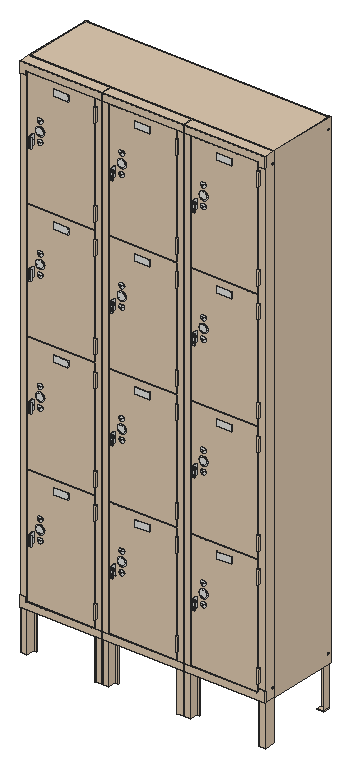
Revit family "Metal_Vented_Lockers-Salsbury_Industries-74000_Series-3_Wide_Units", category Specialty Equipment, Revit 2016 (continued)
Definition of nested family "Metal Locker Legs - 3 Wide"
  Reference planes (in)
    plane 16: y = -7.82
    plane 17 "Back Edge of Rear Legs": y = 8.895
    plane 18 "Right Edge of Rear Right Leg": x = 22.4
    plane 19 "Left Edge or Rear Left Leg": x = -22.4
    plane 20: y = 7.895
    plane 21 "Inside Edge or Rear Right Leg": x = 21.4
    plane 22 "Inside Edge or Left Rear Leg": x = -21.4
    plane 23: x = 7.50667
    plane 24: x = -7.50667
  Forms (in)
    Extrusion 1, solid, material <- "Primary Structure Material", visible <- "Visible"
      sketch origin (0, 0, 0) x (0, -1, 0) y (1, 0, 0)
        loop
          line (7.417, 22.52) -> (7.417, 22.46) -> (8.945, 22.46) -> (8.945, 21.58) -> (7.76, 21.58) -> (7.76, 21.08) -> (7.82, 21.08) -> (7.82, 21.52) -> (9.005, 21.52) -> (9.005, 22.52) -> (7.417, 22.52)
      from 0 to 6
    Extrusion 2, solid, material <- "Primary Structure Material", visible <- "Visible"
      sketch origin (0, 0, 0) x (0, -1, 0) y (1, 0, 0)
        loop
          line (7.417, -22.52) -> (9.005, -22.52) -> (9.005, -21.52) -> (7.82, -21.52) -> (7.82, -21.08) -> (7.76, -21.08) -> (7.76, -21.58) -> (8.945, -21.58) -> (8.945, -22.46) -> (7.417, -22.46) -> (7.417, -22.52)
      from 0 to 6
    Extrusion 3, solid, material <- "Primary Structure Material", visible <- "Visible"
      sketch origin (0, 0, 0) x (0, -1, 0) y (1, 0, 0)
        loop
          line (-8.895, 22.4) -> (-8.895, 21.4) -> (-8.835, 21.4) -> (-8.835, 22.34) -> (-7.895, 22.34) -> (-7.895, 22.4) -> (-8.895, 22.4)
      from 0.06 to 6.185
    Extrusion 4, solid, material <- "Primary Structure Material", visible <- "Visible"
      sketch origin (0, 0, 0) x (0, -1, 0) y (1, 0, 0)
        loop
          line (-8.895, 22.4) -> (-8.895, 21.4) -> (-7.895, 21.4) -> (-7.895, 22.4) -> (-8.895, 22.4)
      from 0 to 0.06
    Extrusion 5, solid, material <- "Primary Structure Material", visible <- "Visible"
      sketch origin (0, 0, 0) x (0, -1, 0) y (1, 0, 0)
        loop
          line (-8.895, -22.4) -> (-7.895, -22.4) -> (-7.895, -22.34) -> (-8.835, -22.34) -> (-8.835, -21.4) -> (-8.895, -21.4) -> (-8.895, -22.4)
      from 0.06 to 6.185
    Extrusion 6, solid, material <- "Primary Structure Material", visible <- "Visible"
      sketch origin (0, 0, 0) x (0, -1, 0) y (1, 0, 0)
        loop
          line (-8.895, -22.4) -> (-7.895, -22.4) -> (-7.895, -21.4) -> (-8.895, -21.4) -> (-8.895, -22.4)
      from 0 to 0.06
    Extrusion 7, solid, material <- "Primary Structure Material", visible <- "Visible"
      sketch origin (12, 0, 0) x (0, -1, 0) y (1, 0, 0)
        loop
          line (7.417, -19.50667) -> (9.005, -19.50667) -> (9.005, -18.50667) -> (7.82, -18.50667) -> (7.82, -18.06667) -> (7.76, -18.06667) -> (7.76, -18.56667) -> (8.945, -18.56667) -> (8.945, -19.44667) -> (7.417, -19.44667) -> (7.417, -19.50667)
      from 0 to 6
    Extrusion 8, solid, material <- "Primary Structure Material", visible <- "Visible"
      sketch origin (24.04, 0, 0) x (0, -1, 0) y (1, 0, 0)
        loop
          line (7.417, -16.53333) -> (9.005, -16.53333) -> (9.005, -15.53333) -> (7.82, -15.53333) -> (7.82, -15.09333) -> (7.76, -15.09333) -> (7.76, -15.59333) -> (8.945, -15.59333) -> (8.945, -16.47333) -> (7.417, -16.47333) -> (7.417, -16.53333)
      from 0 to 6
    Extrusion 9, solid, material <- "Primary Structure Material", visible <- "Visible"
      sketch origin (-12, 0, 0) x (0, -1, 0) y (1, 0, 0)
        loop
          line (7.417, 19.50667) -> (7.417, 19.44667) -> (8.945, 19.44667) -> (8.945, 18.56667) -> (7.76, 18.56667) -> (7.76, 18.06667) -> (7.82, 18.06667) -> (7.82, 18.50667) -> (9.005, 18.50667) -> (9.005, 19.50667) -> (7.417, 19.50667)
      from 0 to 6
    Extrusion 10, solid, material <- "Primary Structure Material", visible <- "Visible"
      sketch origin (-24.04, 0, 0) x (0, -1, 0) y (1, 0, 0)
        loop
          line (7.417, 16.53333) -> (7.417, 16.47333) -> (8.945, 16.47333) -> (8.945, 15.59333) -> (7.76, 15.59333) -> (7.76, 15.09333) -> (7.82, 15.09333) -> (7.82, 15.53333) -> (9.005, 15.53333) -> (9.005, 16.53333) -> (7.417, 16.53333)
      from 0 to 6
  Dimensions and locks (in)
    equal spacing: plane 6 "Left Side of Unit", plane 3 "Center (Left/Right)", plane 7 "Right Side of Unit"
    "Width": plane 6 "Left Side of Unit" to plane 7 "Right Side of Unit"
    "Height": plane 5 "Bottom of Unit" to plane 4 "Floor"
    equal spacing: plane 9 "Front of Unit", plane 1 "Center (Front/Back)", plane 8 "Back of Unit"
    "Depth": plane 9 "Front of Unit" to plane 8 "Back of Unit"
    plane 12 "Top of back legs" to plane 5 "Bottom of Unit" = 0.185"
    plane 6 "Left Side of Unit" to plane 11 "Left Side of Door Opening" = 1.000"
    plane 10 "Right Side of Door Opening" to plane 7 "Right Side of Unit" = 1.000"
    locked: plane 9 "Front of Unit" to plane 13 "Back Edge of Front Facing" at 1.588
    plane 11 "Left Side of Door Opening" to plane 14 "Inside Edge of Front Leg" = 0.440"
    plane 15 "Inside Edge of Right Leg" to plane 10 "Right Side of Door Opening" = 0.440"
    plane 9 "Front of Unit" to plane 16 = 1.185"
    plane 15 "Inside Edge of Right Leg" to plane 21 "Inside Edge or Rear Right Leg" to plane 10 "Right Side of Door Opening" to plane 18 "Right Edge of Rear Right Leg" to plane 7 "Right Side of Unit" = 0.320", 0.120", 0.880", 0.120"
    plane 6 "Left Side of Unit" to plane 19 "Left Edge or Rear Left Leg" to plane 11 "Left Side of Door Opening" to plane 22 "Inside Edge or Left Rear Leg" to plane 14 "Inside Edge of Front Leg" = 0.120", 0.880", 0.120", 0.320"
    plane 20 to plane 17 "Back Edge of Rear Legs" to plane 8 "Back of Unit" = 1.000", 0.110"
    equal spacing: plane 6 "Left Side of Unit", plane 24, plane 23, plane 7 "Right Side of Unit"
    aligned and locked: level to plane 2
    aligned and locked: Extrusion 3 to Extrusion 4
    aligned and locked: Extrusion 6 to Extrusion 5
    aligned and locked: Extrusion 3 to plane 18 "Right Edge of Rear Right Leg"
    aligned and locked: Extrusion 3 to plane 17 "Back Edge of Rear Legs"
    aligned and locked: Extrusion 5 to plane 19 "Left Edge or Rear Left Leg"
    aligned and locked: plane 17 "Back Edge of Rear Legs" to Extrusion 5
    aligned and locked: plane 5 "Bottom of Unit" to Extrusion 2
    aligned and locked: Extrusion 1 to plane 5 "Bottom of Unit"
    aligned and locked: Extrusion 3 to plane 12 "Top of back legs"
    aligned and locked: plane 12 "Top of back legs" to Extrusion 5
  Automatic sketch dimensions
    plane 13 "Back Edge of Front Facing" to Extrusion 1 sketch curve = 0.000"
    Extrusion 1 sketch curve to plane 15 "Inside Edge of Right Leg" = 0.000"
    plane 16 to Extrusion 1 sketch curve = 0.000"
    Extrusion 1 sketch curve to plane 7 "Right Side of Unit" = 0.000"
    plane 9 "Front of Unit" to Extrusion 1 sketch curve = 0.000"
    Extrusion 1 sketch curve to plane 10 "Right Side of Door Opening" = 0.000"
    Extrusion 1 sketch curve to plane 16 = 0.060"
    Extrusion 1 sketch curve to plane 9 "Front of Unit" = 0.060"
    Extrusion 1 sketch curve to plane 10 "Right Side of Door Opening" = 0.060"
    plane 7 "Right Side of Unit" to Extrusion 1 sketch curve = 0.060"
    Extrusion 2 sketch curve to plane 13 "Back Edge of Front Facing" = 0.000"
    Extrusion 2 sketch curve to plane 14 "Inside Edge of Front Leg" = 0.000"
    Extrusion 2 sketch curve to plane 16 = 0.000"
    Extrusion 2 sketch curve to plane 6 "Left Side of Unit" = 0.000"
    Extrusion 2 sketch curve to plane 9 "Front of Unit" = 0.000"
    Extrusion 2 sketch curve to plane 11 "Left Side of Door Opening" = 0.000"
    plane 16 to Extrusion 2 sketch curve = 0.060"
    plane 9 "Front of Unit" to Extrusion 2 sketch curve = 0.060"
    Extrusion 2 sketch curve to plane 11 "Left Side of Door Opening" = 0.060"
    plane 6 "Left Side of Unit" to Extrusion 2 sketch curve = 0.060"
    plane 17 "Back Edge of Rear Legs" to Extrusion 3 sketch curve = 0.000"
    Extrusion 3 sketch curve to plane 21 "Inside Edge or Rear Right Leg" = 0.000"
    Extrusion 3 sketch curve to plane 18 "Right Edge of Rear Right Leg" = 0.000"
    plane 20 to Extrusion 3 sketch curve = 0.000"
    plane 17 "Back Edge of Rear Legs" to Extrusion 3 sketch curve = 0.060"
    plane 18 "Right Edge of Rear Right Leg" to Extrusion 3 sketch curve = 0.060"
    plane 17 "Back Edge of Rear Legs" to Extrusion 4 sketch curve = 0.000"
    Extrusion 4 sketch curve to plane 18 "Right Edge of Rear Right Leg" = 0.000"
    plane 20 to Extrusion 4 sketch curve = 0.000"
    Extrusion 4 sketch curve to plane 21 "Inside Edge or Rear Right Leg" = 0.000"
    Extrusion 5 sketch curve to plane 17 "Back Edge of Rear Legs" = 0.000"
    Extrusion 5 sketch curve to plane 22 "Inside Edge or Left Rear Leg" = 0.000"
    Extrusion 5 sketch curve to plane 19 "Left Edge or Rear Left Leg" = 0.000"
    Extrusion 5 sketch curve to plane 20 = 0.000"
    Extrusion 5 sketch curve to plane 17 "Back Edge of Rear Legs" = 0.060"
    Extrusion 5 sketch curve to plane 19 "Left Edge or Rear Left Leg" = 0.060"
    Extrusion 6 sketch curve to plane 17 "Back Edge of Rear Legs" = 0.000"
    Extrusion 6 sketch curve to plane 19 "Left Edge or Rear Left Leg" = 0.000"
    Extrusion 6 sketch curve to plane 20 = 0.000"
    Extrusion 6 sketch curve to plane 22 "Inside Edge or Left Rear Leg" = 0.000"
    plane 13 "Back Edge of Front Facing" to Extrusion 7 sketch curve = 0.000"
    plane 16 to Extrusion 7 sketch curve = 0.000"
    plane 9 "Front of Unit" to Extrusion 7 sketch curve = 0.000"
    Extrusion 7 sketch curve to plane 24 = 0.000"
    plane 16 to Extrusion 7 sketch curve = 0.060"
    plane 9 "Front of Unit" to Extrusion 7 sketch curve = 0.060"
    plane 24 to Extrusion 7 sketch curve = 0.060"
    plane 24 to Extrusion 7 sketch curve = 0.940"
    Extrusion 7 sketch curve to Extrusion 7 sketch curve = 0.060"
    Extrusion 7 sketch curve to Extrusion 7 sketch curve = 0.440"
    plane 13 "Back Edge of Front Facing" to Extrusion 8 sketch curve = 0.000"
    plane 16 to Extrusion 8 sketch curve = 0.000"
    plane 9 "Front of Unit" to Extrusion 8 sketch curve = 0.000"
    Extrusion 8 sketch curve to plane 23 = 0.000"
    plane 16 to Extrusion 8 sketch curve = 0.060"
    plane 9 "Front of Unit" to Extrusion 8 sketch curve = 0.060"
    plane 23 to Extrusion 8 sketch curve = 0.060"
    plane 23 to Extrusion 8 sketch curve = 0.940"
    Extrusion 8 sketch curve to Extrusion 8 sketch curve = 0.060"
    Extrusion 8 sketch curve to Extrusion 8 sketch curve = 0.440"
    plane 13 "Back Edge of Front Facing" to Extrusion 9 sketch curve = 0.000"
    plane 16 to Extrusion 9 sketch curve = 0.000"
    plane 9 "Front of Unit" to Extrusion 9 sketch curve = 0.000"
    Extrusion 9 sketch curve to plane 23 = 0.000"
    Extrusion 9 sketch curve to plane 16 = 0.060"
    Extrusion 9 sketch curve to plane 9 "Front of Unit" = 0.060"
    plane 23 to Extrusion 9 sketch curve = 0.060"
    plane 23 to Extrusion 9 sketch curve = 0.940"
    Extrusion 9 sketch curve to Extrusion 9 sketch curve = 0.060"
    Extrusion 9 sketch curve to Extrusion 9 sketch curve = 0.440"
    plane 13 "Back Edge of Front Facing" to Extrusion 10 sketch curve = 0.000"
    plane 16 to Extrusion 10 sketch curve = 0.000"
    plane 9 "Front of Unit" to Extrusion 10 sketch curve = 0.000"
    Extrusion 10 sketch curve to plane 24 = 0.000"
    Extrusion 10 sketch curve to plane 16 = 0.060"
    Extrusion 10 sketch curve to plane 9 "Front of Unit" = 0.060"
    plane 24 to Extrusion 10 sketch curve = 0.060"
    plane 24 to Extrusion 10 sketch curve = 0.940"
    Extrusion 10 sketch curve to Extrusion 10 sketch curve = 0.060"
    Extrusion 10 sketch curve to Extrusion 10 sketch curve = 0.440"
Definition of nested family "Vented Metal Locker Doors-12 inch with Latch Hasps"
  Parameters (values of type "Four Tier Door - 6 foot")
    Width = 9.901"
    Visible = yes
    Vent Array Spacing = 1.187"
    Vent Array 2 = if(Height = 17.360", 10, if(Height = 14.360", 8, if(Height = 11.532", 6, if(Height = 11.463", 6, 0))))  # 10
    Vent Array 1 = Vent Array 2  # 10
    Primary Structure Material = none
    Louver Set Vertical Alignment = 5.710"
    Number Plate Alignment = 0.9375"
    Louver Width = 4.000"
    Hinge 2 Placement = 14.142"
    Hinge 1 Placement = 1.125"
    Height = 17.360"
    Hasp Plate Rivet Material = none
    Hasp Height = 1.438"
    First Vent Placement = 2.875"
    Depth = 0.900"
  Types (4): name | Vent Array 2 | Vent Array 1 | Louver Set Vertical Alignment | Hinge 2 Placement | Height | First Vent Placement
    Six Tier Door - 6 foot | 6 | 6 | 2.731" | 8.449" | 11.532" | 2.3925"
    Five Tier Door - 5 foot | 6 | 6 | 2.826" | 8.188" | 11.463" | 2.3925"
    Four Tier Door - 6 foot | 10 | 10 | 5.710" | 14.142" | 17.360" | 2.875"
    Four Tier Door - 5 foot | 8 | 8 | 4.240" | 11.142" | 14.360" | 2.625"
  Reference planes (in)
    plane 1 "Center (Front/Back)": y = 0
    plane 2 "Bottom of Door": z = 0
    plane 3 "Center (Left/Right)": x = 0
    plane 4 "Center (Top/Bottom)": z = 8.68
    plane 5 "Top of Door": z = 17.36
    plane 6 "Right Side of Door": x = 4.9505
    plane 7 "Left Side of Door": x = -4.9505
    plane 8 "Front of Door": y = -0.45
    plane 9 "Back of Door": y = 0.45
    plane 10 "Top of Number Plate": z = 16.4225
    plane 11 "Top of Hasp Alignment": z = 9.399
    plane 12 "Bottom of Hasp Alignment": z = 7.961
    plane 13 "Left Side of Louvers": x = -2
    plane 14 "Right Side of Louvers": x = 2
    plane 15 "Front of Louvers": y = -0.6375
    plane 16: x = -1.094
    plane 17: x = 1.094
    plane 18: z = 15.4225
    plane 19 "Center Hasp": x = -1.7755
    plane 20 "Top of Hinge 2": z = 3.218
    plane 21 "Top of Hinge 1": z = 16.235
    plane 22 "Left Hasp Hole Align": x = -4.263
    plane 23 "Right Hasp Hole Align": x = -4.013
    plane 24 "Center Hasp Stud Align": z = 10.09841
    plane 25 "Top Hasp Stud Align": z = 11.51682
    plane 26 "Vertical Hasp Stud Align": x = -3.076
    plane 27 "Vertical Center Hasp Align": x = -4.13777
    plane 28: z = 2.875
    plane 29: z = 3.46558
    plane 30: z = 4.062
    plane 31: z = 4.65258
  Forms (in)
    Extrusion 1, solid, material <- "Primary Structure Material", visible <- "Visible"
      sketch origin (0, 0, 0) x (1, 0, 0) y (0, 0, 1)
        loop
          line (-4.9505, 17.36) -> (-4.9505, 0) -> (4.9505, 0) -> (4.9505, 17.36) -> (-4.9505, 17.36)
      from -0.45 to 0.45
    Extrusion 2, solid, material <- "Hasp Plate Rivet Material", visible <- "Visible", detail levels medium+fine
      sketch origin (0, -0.45, 0) x (1, 0, 0) y (0, 0, 1)
        loop
          arc (-1.06847, 16.38695) -> (-1.10166, 15.92421) -> (-1.06847, 15.46147) r 3.2426
          arc (-1.06847, 15.46147) -> (0, 15.42272) -> (1.06847, 15.46147) r 14.75
          arc (1.06847, 15.46147) -> (1.10166, 15.92421) -> (1.06847, 16.38695) r 3.2426
          arc (1.06847, 16.38695) -> (0, 16.41487) -> (-1.06847, 16.38695) r 20.45441
      from 0 to 0.03497
    Extrusion 3, void
      sketch origin (-1.7755, -0.13281, 0.04687) x (0, 0, -1) y (0, -1, 0)
        loop
          circle (-8.35677, -0.16411) r 0.2
      from -0.163 to 0.163
    Extrusion 4, solid, material <- "Primary Structure Material", visible <- "Visible", detail levels medium+fine
      sketch origin (0, 0, 16.235) x (0, -1, 0) y (1, 0, 0)
        loop
          line (0.45, 4.9505) -> (0.575, 4.9505)
          arc (0.575, 4.9505) -> (0.7, 5.0755) -> (0.575, 5.2005) r 0.125
          line (0.575, 5.2005) -> (0.45, 5.2005) -> (0.45, 4.9505)
      from 0 to -2
    Extrusion 5, solid, material <- "Primary Structure Material", visible <- "Visible", detail levels medium+fine
      sketch origin (0, 0, 3.218) x (0, -1, 0) y (1, 0, 0)
        loop
          line (0.45, 4.9505) -> (0.575, 4.9505)
          arc (0.575, 4.9505) -> (0.7, 5.0755) -> (0.575, 5.2005) r 0.125
          line (0.575, 5.2005) -> (0.45, 5.2005) -> (0.45, 4.9505)
      from 0 to -2
    Extrusion 6, void
      sketch origin (0, -0.45, 0) x (1, 0, 0) y (0, 0, 1)
        loop
          line (-4.263, 9.399) -> (-4.263, 7.961) -> (-4.013, 7.961) -> (-4.013, 9.399) -> (-4.263, 9.399)
      from -0.9 to 0
    Blend 7, solid, material <- "Hasp Plate Rivet Material", visible <- "Visible", detail levels fine
      base sketch origin (0, -0.45, 0) x (1, 0, 0) y (0, 0, 1)
        loop
          circle (-3.076, 8.68) r 0.375
      top sketch origin (0, -0.45, 0) x (1, 0, 0) y (0, 0, 1)
        loop
          circle (-3.076, 8.68) r 0.09706
      from 0 to 0.03497
    Blend 8, solid, material <- "Hasp Plate Rivet Material", visible <- "Visible", detail levels fine
      base sketch origin (0, -0.45, 2.83682) x (1, 0, 0) y (0, 0, 1)
        loop
          circle (-3.076, 8.68) r 0.375
      top sketch origin (0, -0.45, 2.83682) x (1, 0, 0) y (0, 0, 1)
        loop
          circle (-3.076, 8.68) r 0.09706
      from 0 to 0.03497
    Blend 9, solid, material <- "Hasp Plate Rivet Material", visible <- "Visible", detail levels fine
      base sketch origin (0, -0.45, -0.16841) x (1, 0, 0) y (0, 0, 1)
        loop
          circle (-3.076, 10.26682) r 0.625
      top sketch origin (0, -0.45, -0.16841) x (1, 0, 0) y (0, 0, 1)
        loop
          circle (-3.076, 10.26682) r 0.58088
      from 0 to 0.03497
    Extrusion 10, solid, material <- "Hasp Plate Rivet Material", visible <- "Visible", detail levels fine
      sketch origin (0, 0, 7.961) x (0, -1, 0) y (1, 0, 0)
        loop
          line (-0.45, -4.07527) -> (-0.45, -4.13777) -> (1.2, -4.13777)
          arc (1.2, -4.13777) -> (1.24419, -4.11946) -> (1.2625, -4.07527) r 0.0625
          line (1.2625, -4.07527) -> (1.2625, -3.76277) -> (1.20579, -3.76277) -> (1.20579, -4.0127)
          arc (1.20579, -4.0127) -> (1.18746, -4.05694) -> (1.14322, -4.07527) r 0.06257
          line (1.14322, -4.07527) -> (-0.45, -4.07527)
      from 0 to 1.438
    Extrusion 11, solid, material <- "Hasp Plate Rivet Material", visible <- "Visible", detail levels fine
      sketch origin (0, 0, 7.961) x (0, -1, 0) y (1, 0, 0)
        loop
          line (-0.45, -4.20027) -> (1.2625, -4.20027) -> (1.2625, -4.13777) -> (-0.45, -4.13777) -> (-0.45, -4.20027)
      from 0 to 1.438
    Extrusion 12, void
      sketch origin (-4.013, 0, 0) x (0, 0, -1) y (0, -1, 0)
        loop
          circle (-8.68, 0.82219) r 0.375
      from 0 to 0.25
  Cuts and joins
    Extrusion 3, Extrusion 6 cuts Extrusion 1
    Extrusion 12 cuts Extrusion 10
    Extrusion 12 cuts Extrusion 11
  Lines and regions (in)
    symbolic lines
      curve 1: line (-4.20027, -0.44719, 7.961) -> (-4.20027, -1.2625, 7.961)
      curve 2: line (-4.20027, -1.2625, 7.961) -> (-4.13777, -1.2625, 7.961)
      curve 3: line (-4.13777, -1.2625, 7.961) -> (-4.13777, -0.45, 7.961)
      curve 4: line (-4.07527, -0.44719, 7.961) -> (-4.07527, -1.14322, 7.961)
      curve 5: line (-4.0127, -1.20579, 7.961) -> (-3.76277, -1.20579, 7.961)
      curve 6: line (-3.76277, -1.20579, 7.961) -> (-3.76277, -1.2625, 7.961)
      curve 7: line (-3.76277, -1.2625, 7.961) -> (-4.07527, -1.2625, 7.961)
      curve 8: arc (-4.07527, -1.14322, 7.961) -> (-4.05694, -1.18746, 7.961) -> (-4.0127, -1.20579, 7.961) r 0.06257
      curve 9: arc (-4.07527, -1.2625, 7.961) -> (-4.11946, -1.24419, 7.961) -> (-4.13777, -1.2, 7.961) r 0.0625
      curve 10: line (-4.013, -0.45, 9.40058) -> (-4.013, -1.26256, 9.40058)
      curve 11: line (-4.013, -1.26256, 9.40058) -> (-4.013, -1.26256, 7.9612)
      curve 12: line (-4.013, -1.26256, 7.9612) -> (-4.013, -0.45309, 7.9612)
      curve 13: line (-4.263, -0.45, 9.399) -> (-4.20027, -0.45, 9.399)
      curve 14: line (-4.263, -0.45, 7.961) -> (-4.263, -0.45, 9.399)
      curve 15: line (-4.20027, -0.45, 7.961) -> (-4.263, -0.45, 7.961)
      curve 16: line (-4.20027, -0.45, 9.399) -> (-4.20027, -0.45, 7.961)
      curve 17: line (-4.20027, -0.45, 9.399) -> (-3.76277, -0.45, 9.399)
      curve 18: line (-4.20027, -0.45, 7.961) -> (-3.76277, -0.45, 7.961)
      curve 19: line (-3.76277, -0.45, 9.399) -> (-3.76277, -0.45, 7.961)
      curve 20: circle (-3.076, -0.45, 11.51682) r 0.371 normal (0, -1, 0)
      curve 21: circle (-3.076, -0.45, 8.68) r 0.375 normal (0, -1, 0)
      curve 22: circle (-3.076, -0.45, 10.09841) r 0.62368 normal (0, -1, 0)
      curve 23: line (-4.9505, -0.45, 17.36) -> (4.9505, -0.45, 17.36)
      curve 24: line (-4.9505, -0.45, 0) -> (-4.9505, -0.45, 17.36)
      curve 25: line (4.9505, -0.45, 0) -> (-4.9505, -0.45, 0)
      curve 26: line (4.9505, -0.45, 17.36) -> (4.9505, -0.45, 0)
  Dimensions and locks (in)
    equal spacing: plane 5 "Top of Door", plane 4 "Center (Top/Bottom)", plane 2 "Bottom of Door"
    "Height": plane 5 "Top of Door" to plane 2 "Bottom of Door"
    equal spacing: plane 8 "Front of Door", plane 1 "Center (Front/Back)", plane 9 "Back of Door"
    "Depth": plane 8 "Front of Door" to plane 9 "Back of Door"
    equal spacing: plane 7 "Left Side of Door", plane 3 "Center (Left/Right)", plane 6 "Right Side of Door"
    "Width": plane 7 "Left Side of Door" to plane 6 "Right Side of Door"
    "Number Plate Alignment": plane 5 "Top of Door" to plane 10 "Top of Number Plate" to plane 18
    equal spacing: plane 13 "Left Side of Louvers", plane 3 "Center (Left/Right)", plane 14 "Right Side of Louvers"
    "Louver Width": plane 13 "Left Side of Louvers" to plane 14 "Right Side of Louvers"
    plane 25 "Top Hasp Stud Align" to plane 24 "Center Hasp Stud Align" to plane 11 "Top of Hasp Alignment" to plane 4 "Center (Top/Bottom)" to plane 12 "Bottom of Hasp Alignment" = 1.41841", 0.69941", 0.719", 0.719"
    "Hasp Height": plane 11 "Top of Hasp Alignment" to plane 12 "Bottom of Hasp Alignment"
    locked: plane 15 "Front of Louvers" to plane 8 "Front of Door" at 0.1875
    plane 16 to plane 3 "Center (Left/Right)" to plane 17 = 1.094" locked, 1.094" locked
    "Hinge 1 Placement": plane 5 "Top of Door" to plane 21 "Top of Hinge 1"
    "Hinge 2 Placement": plane 5 "Top of Door" to plane 20 "Top of Hinge 2"
    plane 7 "Left Side of Door" to plane 22 "Left Hasp Hole Align" to plane 23 "Right Hasp Hole Align" to plane 26 "Vertical Hasp Stud Align" = 0.6875" locked, 0.250" locked, 0.937" locked
    equal spacing: group 1, group 2, group 3, group 4, group 5, group 6, group 13, group 14, group 15, group 16  (x3)
    equal spacing: group 7, group 8, group 9, group 10, group 11, group 12, group 17, group 18, group 19, group 20  (x3)
    "Vent Array Spacing": plane 30 to plane 28
    "First Vent Placement": plane 28 to plane 2 "Bottom of Door"
    "Vent Array Spacing": plane 31 to plane 29
    locked: plane 29 to plane 28 at 0.59058
    aligned and locked: level to plane 2 "Bottom of Door"
    aligned and locked: plane 5 "Top of Door" to Extrusion 1 sketch curve
    aligned and locked: Extrusion 1 sketch curve to plane 7 "Left Side of Door"
    aligned and locked: plane 2 "Bottom of Door" to Extrusion 1 sketch curve
    aligned and locked: plane 6 "Right Side of Door" to Extrusion 1 sketch curve
    aligned and locked: plane 11 "Top of Hasp Alignment" to Extrusion 6 sketch curve
    aligned and locked: Extrusion 6 sketch curve to plane 22 "Left Hasp Hole Align"
    aligned and locked: Extrusion 6 sketch curve to plane 12 "Bottom of Hasp Alignment"
    aligned and locked: plane 23 "Right Hasp Hole Align" to Extrusion 6 sketch curve
    aligned and locked: plane 25 "Top Hasp Stud Align" to Blend 8 sketch curve  (x2)
    aligned and locked: plane 4 "Center (Top/Bottom)" to Blend 7 sketch curve  (x2)
    aligned and locked: plane 24 "Center Hasp Stud Align" to Blend 9 sketch curve  (x2)
    aligned and locked: plane 27 "Vertical Center Hasp Align" to Extrusion 11 sketch curve
    aligned and locked: plane 27 "Vertical Center Hasp Align" to Extrusion 10 sketch curve
    aligned and locked: plane 4 "Center (Top/Bottom)" to Extrusion 12 sketch curve
    aligned and locked: plane 3 "Center (Left/Right)" to nested 1
    aligned and locked: plane 28 to nested 2
    aligned and locked: plane 29 to nested 1
    aligned and locked: plane 30 to nested 3
    aligned and locked: plane 31 to nested 8
    aligned and locked: curve 1 to cut or joined group of Extrusion 11, Extrusion 12
    aligned and locked: curve 2 to cut or joined group of Extrusion 11, Extrusion 12
    aligned and locked: curve 3 to cut or joined group of Extrusion 11, Extrusion 12
    aligned and locked: cut or joined group of Extrusion 10, Extrusion 12 to curve 4
    aligned and locked: curve 5 to cut or joined group of Extrusion 10, Extrusion 12
    aligned and locked: curve 6 to cut or joined group of Extrusion 10, Extrusion 12
    aligned and locked: curve 7 to cut or joined group of Extrusion 10, Extrusion 12
    aligned and locked: curve 10 to nested 12  (x2)
    aligned and locked: curve 13 to cut or joined group of Extrusion 1, Extrusion 3, Extrusion 6
    aligned and locked: curve 14 to cut or joined group of Extrusion 1, Extrusion 3, Extrusion 6
    aligned and locked: cut or joined group of Extrusion 11, Extrusion 12 to curve 15
    aligned and locked: curve 16 to cut or joined group of Extrusion 11, Extrusion 12
    aligned and locked: curve 13 to curve 17
    aligned and locked: curve 19 to cut or joined group of Extrusion 10, Extrusion 12
    aligned and locked: curve 23 to cut or joined group of Extrusion 1, Extrusion 3, Extrusion 6
    aligned and locked: curve 25 to cut or joined group of Extrusion 1, Extrusion 3, Extrusion 6
    aligned and locked: curve 26 to cut or joined group of Extrusion 1, Extrusion 3, Extrusion 6
  Automatic sketch dimensions
    Extrusion 2 sketch curve to plane 3 "Center (Left/Right)" = 0.000"  (x2)
    plane 13 "Left Side of Louvers" to Extrusion 2 sketch curve = 0.14094"
    Extrusion 2 sketch curve to plane 14 "Right Side of Louvers" = 0.14094"
    Extrusion 2 sketch curve to level = 4.03954"
    plane 21 "Top of Hinge 1" to Extrusion 2 sketch curve = 0.31079"  (x2)
    Extrusion 2 sketch curve to plane 5 "Top of Door" = 12.81272"
    Extrusion 2 sketch curve to plane 16 = 0.02553"  (x2)
    plane 17 to Extrusion 2 sketch curve = 0.02553"
    Extrusion 2 sketch curve to plane 18 = 0.03897"
    Extrusion 3 sketch curve to plane 1 "Center (Front/Back)" = 0.0313"
    Extrusion 4 sketch curve to plane 6 "Right Side of Door" = 0.000"
    plane 8 "Front of Door" to Extrusion 4 sketch curve = 0.000"
    Extrusion 4 sketch curve to plane 15 "Front of Louvers" = 0.0625"
    Extrusion 4 sketch curve to plane 6 "Right Side of Door" = 0.125"
    Extrusion 5 sketch curve to plane 6 "Right Side of Door" = 0.000"
    plane 8 "Front of Door" to Extrusion 5 sketch curve = 0.000"
    Extrusion 5 sketch curve to plane 15 "Front of Louvers" = 0.0625"
    Extrusion 5 sketch curve to plane 6 "Right Side of Door" = 0.125"
    plane 26 "Vertical Hasp Stud Align" to Blend 7 sketch curve = 0.000"  (x2)
    plane 26 "Vertical Hasp Stud Align" to Blend 8 sketch curve = 0.000"  (x2)
    plane 26 "Vertical Hasp Stud Align" to Blend 9 sketch curve = 0.000"  (x2)
    Extrusion 10 sketch curve to plane 1 "Center (Front/Back)" = 0.450"
    plane 23 "Right Hasp Hole Align" to Extrusion 10 sketch curve = 0.06227"
    Extrusion 10 sketch curve to plane 23 "Right Hasp Hole Align" = 0.0003"
    plane 15 "Front of Louvers" to Extrusion 10 sketch curve = 0.50572"
    Extrusion 10 sketch curve to Extrusion 10 sketch curve = 0.05678"
    Extrusion 10 sketch curve to Extrusion 10 sketch curve = 0.24993"
    plane 9 "Back of Door" to Extrusion 11 sketch curve = 0.000"
    plane 15 "Front of Louvers" to Extrusion 11 sketch curve = 0.625"
    Extrusion 11 sketch curve to plane 22 "Left Hasp Hole Align" = 0.06273"
    Extrusion 10 sketch curve to Extrusion 10 sketch curve = 0.06257"
    plane 15 "Front of Louvers" to Extrusion 12 sketch curve = 0.18469"
    plane 4 "Center (Top/Bottom)" to Extrusion 3 sketch curve = 0.27635"
    plane 8 "Front of Door" to curve 3 = 0.000"
    curve 8 to plane 23 "Right Hasp Hole Align" = 0.0003"
    curve 9 to curve 4 = 0.000"
    curve 1 to plane 8 "Front of Door" = 0.00281"
    curve 4 to plane 8 "Front of Door" = 0.00281"
    plane 15 "Front of Louvers" to curve 11 = 0.62506"
    curve 12 to plane 12 "Bottom of Hasp Alignment" = 0.0002"
    plane 8 "Front of Door" to curve 12 = 0.00309"
    plane 7 "Left Side of Door" to curve 24 = 0.000"
    curve 22 to plane 24 "Center Hasp Stud Align" = 0.000"
    plane 26 "Vertical Hasp Stud Align" to curve 22 = 0.000"
    curve 21 to plane 4 "Center (Top/Bottom)" = 0.000"
    plane 26 "Vertical Hasp Stud Align" to curve 21 = 0.000"
    curve 20 to plane 25 "Top Hasp Stud Align" = 0.000"
    plane 26 "Vertical Hasp Stud Align" to curve 20 = 0.000"
    radius of Extrusion 3 sketch curve = 0.200"
    radius of Blend 7 sketch curve = 0.375"
    radius of Blend 7 sketch curve = 0.09706"
    radius of Blend 8 sketch curve = 0.375"
    radius of Blend 8 sketch curve = 0.09706"
    radius of Blend 9 sketch curve = 0.625"
    radius of Blend 9 sketch curve = 0.58088"
    radius of Extrusion 12 sketch curve = 0.375"
    radius of curve 20 = 0.371"
    radius of curve 21 = 0.375"
    radius of curve 22 = 0.62368"
  Nested families (in)
    nested 1: "Vents - Horizontal 3" at (0, -0.45, -61.80738), type "Vents - Horizontal 3"
    nested 2: "Vents - Horizontal 2" at (2.6043, -0.45, -60.66388), type "Vents - Horizontal 2"
    nested 3: "Vents - Horizontal 2" at (2.6043, -0.45, -59.47688), type "Vents - Horizontal 2"
    nested 4: "Vents - Horizontal 2" at (2.6043, -0.45, -58.28988), type "Vents - Horizontal 2"
    nested 5: "Vents - Horizontal 2" at (2.6043, -0.45, -57.10288), type "Vents - Horizontal 2"
    nested 6: "Vents - Horizontal 2" at (2.6043, -0.45, -55.91588), type "Vents - Horizontal 2"
    nested 7: "Vents - Horizontal 2" at (2.6043, -0.45, -54.72888), type "Vents - Horizontal 2"
    nested 8: "Vents - Horizontal 3" at (0, -0.45, -60.62038), type "Vents - Horizontal 3"
    nested 9: "Vents - Horizontal 3" at (0, -0.45, -59.43338), type "Vents - Horizontal 3"
    nested 10: "Vents - Horizontal 3" at (0, -0.45, -58.24638), type "Vents - Horizontal 3"
    nested 11: "Vents - Horizontal 3" at (0, -0.45, -57.05938), type "Vents - Horizontal 3"
    nested 12: "Vents - Horizontal 3" at (0, -0.45, -55.87238), type "Vents - Horizontal 3"
    nested 13: "Vents - Horizontal 2" at (2.6043, -0.45, -53.54188), type "Vents - Horizontal 2"
    nested 14: "Vents - Horizontal 2" at (2.6043, -0.45, -52.35488), type "Vents - Horizontal 2"
    nested 15: "Vents - Horizontal 2" at (2.6043, -0.45, -51.16788), type "Vents - Horizontal 2"
    nested 16: "Vents - Horizontal 2" at (2.6043, -0.45, -49.98088), type "Vents - Horizontal 2"
    nested 17: "Vents - Horizontal 3" at (0, -0.45, -54.68538), type "Vents - Horizontal 3"
    nested 18: "Vents - Horizontal 3" at (0, -0.45, -53.49838), type "Vents - Horizontal 3"
    nested 19: "Vents - Horizontal 3" at (0, -0.45, -52.31138), type "Vents - Horizontal 3"
    nested 20: "Vents - Horizontal 3" at (0, -0.45, -51.12438), type "Vents - Horizontal 3"
  Definition of nested family "Vents - Horizontal 3"
    Reference planes (in)
      plane 1 "Center (Front/Back)": y = 0
      plane 2: z = 0
      plane 3 "Center (Left/Right)": x = 0
    Lines and regions (in)
      model lines
        curve 1: spline (1.08625, 0, 65.3981) -> (1.05712, 0, 65.3804) -> (1.03269, 0, 65.36106) -> (1.01334, 0, 65.34039) -> (0.99936, 0, 65.31871) -> (0.99096, 0, 65.29635) -> (0.98829, 0, 65.27365) -> (0.99137, 0, 65.25097) -> (1.00016, 0, 65.22864) -> (1.01452, 0, 65.20702) -> (1.03424, 0, 65.18644) -> (1.05902, 0, 65.16721) -> (1.08846, 0, 65.14963)
        curve 2: line (1.08625, 0, 65.3981) -> (1.73835, 0, 65.64972)
        curve 3: line (1.08846, 0, 65.14963) -> (1.73762, 0, 64.89923)
        curve 4: spline (2.39008, 0, 65.39825) -> (2.41937, 0, 65.38053) -> (2.44394, 0, 65.36117) -> (2.46341, 0, 65.34048) -> (2.47747, 0, 65.31876) -> (2.48591, 0, 65.29637) -> (2.4886, 0, 65.27363) -> (2.4855, 0, 65.25091) -> (2.47665, 0, 65.22855) -> (2.46219, 0, 65.2069) -> (2.44234, 0, 65.18629) -> (2.41742, 0, 65.16704) -> (2.3878, 0, 65.14945)
        curve 5: line (2.39008, 0, 65.39825) -> (1.73835, 0, 65.64972)
        curve 6: line (2.3878, 0, 65.14945) -> (1.73762, 0, 64.89923)
        curve 13: spline (-0.65075, 0, 65.3981) -> (-0.67988, 0, 65.3804) -> (-0.70431, 0, 65.36106) -> (-0.72366, 0, 65.34039) -> (-0.73764, 0, 65.31871) -> (-0.74604, 0, 65.29635) -> (-0.74871, 0, 65.27365) -> (-0.74563, 0, 65.25097) -> (-0.73684, 0, 65.22864) -> (-0.72248, 0, 65.20702) -> (-0.70276, 0, 65.18644) -> (-0.67798, 0, 65.16721) -> (-0.64854, 0, 65.14963)
        curve 14: line (-0.65075, 0, 65.3981) -> (0.00135, 0, 65.64972)
        curve 15: line (-0.64854, 0, 65.14963) -> (0.00062, 0, 64.89923)
        curve 16: spline (0.65308, 0, 65.39825) -> (0.68237, 0, 65.38053) -> (0.70694, 0, 65.36117) -> (0.72641, 0, 65.34048) -> (0.74047, 0, 65.31876) -> (0.74891, 0, 65.29637) -> (0.7516, 0, 65.27363) -> (0.7485, 0, 65.25091) -> (0.73965, 0, 65.22855) -> (0.72519, 0, 65.2069) -> (0.70534, 0, 65.18629) -> (0.68042, 0, 65.16704) -> (0.6508, 0, 65.14945)
        curve 17: line (0.65308, 0, 65.39825) -> (0.00135, 0, 65.64972)
        curve 18: line (0.6508, 0, 65.14945) -> (0.00062, 0, 64.89923)
        curve 19: spline (-2.38775, 0, 65.3981) -> (-2.41688, 0, 65.3804) -> (-2.44131, 0, 65.36106) -> (-2.46066, 0, 65.34039) -> (-2.47464, 0, 65.31871) -> (-2.48304, 0, 65.29635) -> (-2.48571, 0, 65.27365) -> (-2.48263, 0, 65.25097) -> (-2.47384, 0, 65.22864) -> (-2.45948, 0, 65.20702) -> (-2.43976, 0, 65.18644) -> (-2.41498, 0, 65.16721) -> (-2.38554, 0, 65.14963)
        curve 20: line (-2.38775, 0, 65.3981) -> (-1.73565, 0, 65.64972)
        curve 21: line (-2.38554, 0, 65.14963) -> (-1.73638, 0, 64.89923)
        curve 22: spline (-1.08392, 0, 65.39825) -> (-1.05463, 0, 65.38053) -> (-1.03006, 0, 65.36117) -> (-1.01059, 0, 65.34048) -> (-0.99653, 0, 65.31876) -> (-0.98809, 0, 65.29637) -> (-0.9854, 0, 65.27363) -> (-0.9885, 0, 65.25091) -> (-0.99735, 0, 65.22855) -> (-1.01181, 0, 65.2069) -> (-1.03166, 0, 65.18629) -> (-1.05658, 0, 65.16704) -> (-1.0862, 0, 65.14945)
        curve 23: line (-1.08392, 0, 65.39825) -> (-1.73565, 0, 65.64972)
        curve 24: line (-1.0862, 0, 65.14945) -> (-1.73638, 0, 64.89923)
      model lines, not visible
        curve 7: spline (6.02, -6.45464, 72.16015) -> (6.02, -6.43694, 72.13102) -> (6.02, -6.4176, 72.10659) -> (6.02, -6.39694, 72.08724) -> (6.02, -6.37525, 72.07326) -> (6.02, -6.35289, 72.06486) -> (6.02, -6.33019, 72.06219) -> (6.02, -6.30751, 72.06527) -> (6.02, -6.28518, 72.07406) -> (6.02, -6.26356, 72.08842) -> (6.02, -6.24298, 72.10814) -> (6.02, -6.22375, 72.13292) -> (6.02, -6.20617, 72.16236)
        curve 8: line (6.02, -6.45464, 72.16015) -> (6.02, -6.70626, 72.81225)
        curve 9: line (6.02, -6.20617, 72.16236) -> (6.02, -5.95577, 72.81152)
        curve 10: spline (6.02, -6.45479, 73.46398) -> (6.02, -6.43707, 73.49327) -> (6.02, -6.41771, 73.51784) -> (6.02, -6.39702, 73.53731) -> (6.02, -6.3753, 73.55137) -> (6.02, -6.35291, 73.55981) -> (6.02, -6.33017, 73.5625) -> (6.02, -6.30745, 73.5594) -> (6.02, -6.28509, 73.55055) -> (6.02, -6.26344, 73.53609) -> (6.02, -6.24283, 73.51624) -> (6.02, -6.22359, 73.49132) -> (6.02, -6.20599, 73.4617)
        curve 11: line (6.02, -6.45479, 73.46398) -> (6.02, -6.70626, 72.81225)
        curve 12: line (6.02, -6.20599, 73.4617) -> (6.02, -5.95577, 72.81152)
      reference lines
        curve 25: line (-2.54644, 0, 65.27296) -> (2.54933, 0, 65.27296)
    Dimensions and locks (in)
      equal spacing: group 4, group 3, group 2  (x2)
      equal spacing: group 2, group 3, group 4
      aligned and locked: level to plane 2
  Definition of nested family "Vents - Horizontal 2"
    Reference planes (in)
      plane 1 "Center (Front/Back)": y = 0
      plane 2: z = 0
      plane 3 "Center (Left/Right)": x = 0
    Lines and regions (in)
      model lines
        curve 1: spline (-2.82036, 0, 63.41385) -> (-2.79123, 0, 63.43156) -> (-2.7668, 0, 63.45089) -> (-2.74745, 0, 63.47156) -> (-2.73347, 0, 63.49324) -> (-2.72507, 0, 63.5156) -> (-2.72239, 0, 63.5383) -> (-2.72547, 0, 63.56099) -> (-2.73427, 0, 63.58331) -> (-2.74863, 0, 63.60493) -> (-2.76835, 0, 63.62552) -> (-2.79312, 0, 63.64475) -> (-2.82257, 0, 63.66233)
        curve 2: line (-2.82036, 0, 63.41385) -> (-3.47246, 0, 63.16223)
        curve 3: line (-2.82257, 0, 63.66233) -> (-3.47173, 0, 63.91272)
        curve 4: spline (-4.12419, 0, 63.41371) -> (-4.15348, 0, 63.43143) -> (-4.17805, 0, 63.45078) -> (-4.19752, 0, 63.47148) -> (-4.21158, 0, 63.49319) -> (-4.22002, 0, 63.51559) -> (-4.22271, 0, 63.53832) -> (-4.21961, 0, 63.56104) -> (-4.21076, 0, 63.5834) -> (-4.1963, 0, 63.60505) -> (-4.17645, 0, 63.62566) -> (-4.15153, 0, 63.64491) -> (-4.12191, 0, 63.6625)
        curve 5: line (-4.12419, 0, 63.41371) -> (-3.47246, 0, 63.16223)
        curve 6: line (-4.12191, 0, 63.6625) -> (-3.47173, 0, 63.91272)
        curve 13: spline (-1.08336, 0, 63.41385) -> (-1.05423, 0, 63.43156) -> (-1.0298, 0, 63.45089) -> (-1.01045, 0, 63.47156) -> (-0.99647, 0, 63.49324) -> (-0.98807, 0, 63.5156) -> (-0.98539, 0, 63.5383) -> (-0.98847, 0, 63.56099) -> (-0.99727, 0, 63.58331) -> (-1.01163, 0, 63.60493) -> (-1.03135, 0, 63.62552) -> (-1.05612, 0, 63.64475) -> (-1.08557, 0, 63.66233)
        curve 14: line (-1.08336, 0, 63.41385) -> (-1.73546, 0, 63.16223)
        curve 15: line (-1.08557, 0, 63.66233) -> (-1.73473, 0, 63.91272)
        curve 16: spline (-2.38719, 0, 63.41371) -> (-2.41648, 0, 63.43143) -> (-2.44105, 0, 63.45078) -> (-2.46052, 0, 63.47148) -> (-2.47458, 0, 63.49319) -> (-2.48302, 0, 63.51559) -> (-2.48571, 0, 63.53832) -> (-2.48261, 0, 63.56104) -> (-2.47376, 0, 63.5834) -> (-2.4593, 0, 63.60505) -> (-2.43945, 0, 63.62566) -> (-2.41453, 0, 63.64491) -> (-2.38491, 0, 63.6625)
        curve 17: line (-2.38719, 0, 63.41371) -> (-1.73546, 0, 63.16223)
        curve 18: line (-2.38491, 0, 63.6625) -> (-1.73473, 0, 63.91272)
      model lines, not visible
        curve 7: spline (6.02, -6.45464, 72.16015) -> (6.02, -6.43694, 72.13102) -> (6.02, -6.4176, 72.10659) -> (6.02, -6.39694, 72.08724) -> (6.02, -6.37525, 72.07326) -> (6.02, -6.35289, 72.06486) -> (6.02, -6.33019, 72.06219) -> (6.02, -6.30751, 72.06527) -> (6.02, -6.28518, 72.07406) -> (6.02, -6.26356, 72.08842) -> (6.02, -6.24298, 72.10814) -> (6.02, -6.22375, 72.13292) -> (6.02, -6.20617, 72.16236)
        curve 8: line (6.02, -6.45464, 72.16015) -> (6.02, -6.70626, 72.81225)
        curve 9: line (6.02, -6.20617, 72.16236) -> (6.02, -5.95577, 72.81152)
        curve 10: spline (6.02, -6.45479, 73.46398) -> (6.02, -6.43707, 73.49327) -> (6.02, -6.41771, 73.51784) -> (6.02, -6.39702, 73.53731) -> (6.02, -6.3753, 73.55137) -> (6.02, -6.35291, 73.55981) -> (6.02, -6.33017, 73.5625) -> (6.02, -6.30745, 73.5594) -> (6.02, -6.28509, 73.55055) -> (6.02, -6.26344, 73.53609) -> (6.02, -6.24283, 73.51624) -> (6.02, -6.22359, 73.49132) -> (6.02, -6.20599, 73.4617)
        curve 11: line (6.02, -6.45479, 73.46398) -> (6.02, -6.70626, 72.81225)
        curve 12: line (6.02, -6.20599, 73.4617) -> (6.02, -5.95577, 72.81152)
      reference lines
        curve 19: line (-4.25866, 0, 63.53888) -> (-0.94723, 0, 63.53888)
    Dimensions and locks (in)
      group 2 to group 3 = 1.737"
      group 2 to group 3 = 0.000"  (x2)
      aligned and locked: level to plane 2
Definition of nested family "Metal Locker Front Base"
  Parameters (values of type "77742 - for 12" W Lockers with Legs")
    Width = 10.040"
    Visible [instance] = yes
    Version = "1.0 (11/30/15)"
    Type Comments = "Front Base for Standard Metal Lockers"
    Primary Structure Material = none
    Model = "77742"
    MasterFormat Title = ""
    MasterFormat Number = ""
    Manufacturer = "Salsbury Industries"
    Description = "Front Base for 12\" Wide Lockers"
    Depth = 1.185"
    Height = 6.000"
    Assembly Code = ""
  Types (3): name | Width | Visible | Model | Description
    77742 - for 12" W Lockers with Legs | 10.040" | yes | "77742" | "Front Base for 12\" Wide Lockers"
    77745 - for 15" W Lockers with Legs | 13.040" | yes | "77745" | "Front Base for 15\" Wide Lockers"
    None | 10.040" | no | "77742" | "Front Base for 12\" Wide Lockers"
  Reference planes (in)
    plane 1 "Center (Front/Back)": y = -5.417
    plane 2: z = 0
    plane 3 "Center (Left/Right)": x = 0
    plane 4 "Floor": z = 0
    plane 5 "Top of Enclosure": z = 6
    plane 6 "Front of Enclosure": y = -6.005
    plane 7 "Right Side of Enclosure": x = 5.02
    plane 8 "Left Side of Enclosure": x = -5.02
    plane 9 "Back of Enclosure": y = -4.82
  Forms (in)
    Extrusion 1, solid, material <- "Primary Structure Material", visible <- "Visible"
      sketch origin (0, -6.005, 0) x (1, 0, 0) y (0, 0, 1)
        loop
          line (-5.02, 6) -> (-5.02, 0) -> (5.02, 0) -> (5.02, 6) -> (-5.02, 6)
      from -0.06 to 0
    Extrusion 2, solid, material <- "Primary Structure Material", visible <- "Visible"
      sketch origin (0, 0, 0) x (0, 1, 0) y (0, 0, 1)
        loop
          line (-5.945, 6) -> (-5.945, 5.94) -> (-4.82, 5.94) -> (-4.82, 6) -> (-5.945, 6)
      from -5.02 to 5.02
    Extrusion 3, solid, material <- "Primary Structure Material", visible <- "Visible"
      sketch origin (5.02, 0, 0) x (0, 0, -1) y (0, -1, 0)
        loop
          line (-5.75, 5.945) -> (-5.75, 4.82) -> (-0.25, 4.82) -> (-0.25, 5.945) -> (-5.75, 5.945)
      from 0 to 0.06
    Extrusion 4, solid, material <- "Primary Structure Material", visible <- "Visible"
      sketch origin (-5.02, 0, 0) x (0, 0, -1) y (0, -1, 0)
        loop
          line (-5.75, 5.945) -> (-5.75, 4.82) -> (-0.25, 4.82) -> (-0.25, 5.945) -> (-5.75, 5.945)
      from 0 to -0.06
  Dimensions and locks (in)
    "Height": plane 5 "Top of Enclosure" to plane 4 "Floor"
    plane 6 "Front of Enclosure" to plane 1 "Center (Front/Back)" = 0.588"
    "Depth": plane 6 "Front of Enclosure" to plane 9 "Back of Enclosure"
    equal spacing: plane 8 "Left Side of Enclosure", plane 3 "Center (Left/Right)", plane 7 "Right Side of Enclosure"
    "Width": plane 8 "Left Side of Enclosure" to plane 7 "Right Side of Enclosure"
    aligned and locked: level to plane 2
    aligned and locked: plane 8 "Left Side of Enclosure" to Extrusion 2
    aligned and locked: Extrusion 2 to plane 7 "Right Side of Enclosure"
    aligned and locked: Extrusion 1 to plane 7 "Right Side of Enclosure"
  Automatic sketch dimensions
    Extrusion 1 sketch curve to Extrusion 1 sketch curve = 10.040"
    Extrusion 1 sketch curve to Extrusion 1 sketch curve = 6.000"
    Extrusion 2 sketch curve to Extrusion 2 sketch curve = 1.125"
    Extrusion 2 sketch curve to Extrusion 2 sketch curve = 0.060"
    Extrusion 3 sketch curve to Extrusion 3 sketch curve = 5.500"
    Extrusion 3 sketch curve to Extrusion 3 sketch curve = 1.125"
    Extrusion 4 sketch curve to Extrusion 4 sketch curve = 5.500"
    Extrusion 4 sketch curve to Extrusion 4 sketch curve = 1.125"
    Extrusion 1 sketch curve to level = 0.000"
    plane 8 "Left Side of Enclosure" to Extrusion 1 sketch curve = 0.000"
    plane 5 "Top of Enclosure" to Extrusion 2 sketch curve = 0.000"
    Extrusion 2 sketch curve to plane 9 "Back of Enclosure" = 0.000"
    Extrusion 3 sketch curve to plane 9 "Back of Enclosure" = 0.000"
    plane 5 "Top of Enclosure" to Extrusion 3 sketch curve = 0.250"
    Extrusion 4 sketch curve to plane 9 "Back of Enclosure" = 0.000"
    plane 5 "Top of Enclosure" to Extrusion 4 sketch curve = 0.250"
Definition of nested family "Metal Locker Right Side Base"
  Parameters (values of type "77732 Right - for 12" D Lockers with Legs")
    Width including Rivet [instance] = 1.290"
    Visible = yes
    Primary Structure Material = none
    Depth = 10.422"
    Version = "1.0 (11/30/15)"
    Type Comments = "End Base for Standard Metal Lockers"
    Model = "77732"
    MasterFormat Title = ""
    MasterFormat Number = ""
    Manufacturer = "Salsbury Industries"
    Description = "1.25\"W x 6\" H x 10\"D"
    Width = 1.250"
    Height = 6.000"
    Assembly Code = ""
  Types (4): name | Visible | Depth | Model | Description
    77732 Right - for 12" D Lockers with Legs | yes | 10.422" | "77732" | "1.25\"W x 6\" H x 10\"D"
    77735 Right - for 15" D Lockers with Legs | yes | 13.422" | "77735" | "1.25\"W x 6\" H x 13\"D"
    77738 Right - for 18" D Lockers with Legs | yes | 16.422" | "77738" | "1.25\"W x 6\" H x 16\"D"
    None | no | 10.422" | "" | ""
  Reference planes (in)
    plane 1 "Center (Front/Back)": y = 0
    plane 2: z = 0
    plane 3 "Center (Left/Right)": x = 5.395
    plane 4 "Floor": z = 0
    plane 5 "Top of Enclosure": z = 6
    plane 6 "Left Side of Unit": x = 4.77
    plane 7 "Right Side of Unit": x = 6.02
    plane 8 "Left Edge of Enclosure": y = -5.211
    plane 9 "Right Edge of Enclosure": y = 5.211
    plane 10 "Left Edge of Insert": y = -6.27647
    plane 11 "Right Edge of Insert": y = -5.15147
    plane 12 "Rivet Edge": x = 6.06
  Forms (in)
    Extrusion 1, solid, material <- "Primary Structure Material", visible <- "Visible"
      sketch origin (6.02, 0, 0) x (0, 0, -1) y (0, -1, 0)
        loop
          line (-6, 5.211) -> (-6, -5.211) -> (0, -5.211) -> (0, 5.211) -> (-6, 5.211)
      from 0 to 0.06
    Extrusion 2, solid, material <- "Primary Structure Material", visible <- "Visible"
      sketch origin (0, 0, 6) x (0, -1, 0) y (1, 0, 0)
        loop
          line (5.15147, 5.96) -> (5.15147, 5.9) -> (6.27647, 5.9) -> (6.27647, 5.96) -> (5.15147, 5.96)
      from -6 to 0
    Extrusion 3, solid, material <- "Primary Structure Material", visible <- "Visible"
      sketch origin (6.02, 0, 0) x (0, 0, -1) y (0, -1, 0)
        loop
          line (-6, 4.90147) -> (-6, -3.961) -> (-5.94, -3.961) -> (-5.94, 4.90147) -> (-6, 4.90147)
      from 0.06 to 1.25
    Extrusion 4, solid, material <- "Primary Structure Material", visible <- "Visible"
      sketch origin (6.02, 0, -5.94) x (0, 0, -1) y (0, -1, 0)
        loop
          line (-6, 4.90147) -> (-6, -3.961) -> (-5.94, -3.961) -> (-5.94, 4.90147) -> (-6, 4.90147)
      from 0.06 to 1.25
  Dimensions and locks (in)
    "Height": plane 5 "Top of Enclosure" to plane 4 "Floor"
    plane 10 "Left Edge of Insert" to plane 8 "Left Edge of Enclosure" to plane 11 "Right Edge of Insert" = 1.06547" locked, 0.05953" locked
    equal spacing: plane 8 "Left Edge of Enclosure", plane 1 "Center (Front/Back)", plane 9 "Right Edge of Enclosure"
    "Depth": plane 8 "Left Edge of Enclosure" to plane 9 "Right Edge of Enclosure"
    equal spacing: plane 6 "Left Side of Unit", plane 3 "Center (Left/Right)", plane 7 "Right Side of Unit"
    "Width": plane 6 "Left Side of Unit" to plane 7 "Right Side of Unit"
    locked: plane 7 "Right Side of Unit" to plane 12 "Rivet Edge" at 0.04
    "Width including Rivet": plane 6 "Left Side of Unit" to plane 12 "Rivet Edge"
    aligned and locked: level to plane 2
    aligned and locked: plane 11 "Right Edge of Insert" to Extrusion 2
    aligned and locked: plane 10 "Left Edge of Insert" to Extrusion 2
    aligned and locked: Extrusion 3 to Extrusion 1
    aligned and locked: plane 6 "Left Side of Unit" to Extrusion 3
  Automatic sketch dimensions
    plane 5 "Top of Enclosure" to Extrusion 1 sketch curve = 0.000"
    Extrusion 1 sketch curve to level = 0.000"
    Extrusion 2 sketch curve to plane 8 "Left Edge of Enclosure" = 0.05953"
    plane 7 "Right Side of Unit" to Extrusion 2 sketch curve = 0.120"
    Extrusion 2 sketch curve to Extrusion 2 sketch curve = 0.060"
    Extrusion 1 sketch curve to plane 8 "Left Edge of Enclosure" = 0.000"
    Extrusion 1 sketch curve to plane 9 "Right Edge of Enclosure" = 0.000"
    plane 10 "Left Edge of Insert" to Extrusion 2 sketch curve = 0.000"
    plane 5 "Top of Enclosure" to Extrusion 3 sketch curve = 0.000"
    Extrusion 3 sketch curve to Extrusion 3 sketch curve = 0.060"
    plane 9 "Right Edge of Enclosure" to Extrusion 3 sketch curve = 1.250"
    Extrusion 3 sketch curve to plane 11 "Right Edge of Insert" = 0.250"
    Extrusion 4 sketch curve to level = 0.000"
    level to Extrusion 4 sketch curve = 0.060"
    plane 9 "Right Edge of Enclosure" to Extrusion 4 sketch curve = 1.250"
    Extrusion 4 sketch curve to plane 11 "Right Edge of Insert" = 0.250"
Definition of nested family "Metal Locker Left Side Base"
  Parameters (values of type "77732 Left - for 12" D Lockers with Legs")
    Width including Rivet [instance] = 1.290"
    Visible = yes
    Primary Structure Material = none
    Depth = 10.422"
    Version = "1.0 (11/30/15)"
    Type Comments = "End Base for Standard Metal Lockers"
    Model = "77732"
    MasterFormat Title = ""
    MasterFormat Number = ""
    Manufacturer = "Salsbury Industries"
    Description = "1.25\"W x 6\" H x 10\"D"
    Width = 1.250"
    Height = 6.000"
    Assembly Code = ""
  Types (4): name | Visible | Depth | Model | Description
    77732 Left - for 12" D Lockers with Legs | yes | 10.422" | "77732" | "1.25\"W x 6\" H x 10\"D"
    77735 Left - for 15" D Lockers with Legs | yes | 13.422" | "77735" | "1.25\"W x 6\" H x 13\"D"
    77738 Left - for 18" D Lockers with Legs | yes | 16.422" | "77738" | "1.25\"W x 6\" H x 16\"D"
    None | no | 10.422" | "" | ""
  Reference planes (in)
    plane 1 "Center (Front/Back)": y = 0
    plane 2: z = 0
    plane 3 "Center (Left/Right)": x = 5.395
    plane 4 "Floor": z = 0
    plane 5 "Top of Enclosure": z = 6
    plane 6 "Left Side of Unit": x = 4.77
    plane 7 "Right Side of Unit": x = 6.02
    plane 8 "Left Edge of Enclosure": y = -5.211
    plane 9 "Right Edge of Enclosure": y = 5.211
    plane 10 "Left Edge of Insert": y = -6.27647
    plane 11 "Right Edge of Insert": y = -5.15147
    plane 12 "Edge of Rivet": x = 4.73
  Forms (in)
    Extrusion 1, solid, material <- "Primary Structure Material", visible <- "Visible"
      sketch origin (6.02, 0, 0) x (0, 0, -1) y (0, -1, 0)
        loop
          line (-6, 4.90147) -> (-6, -3.961) -> (-5.94, -3.961) -> (-5.94, 4.90147) -> (-6, 4.90147)
      from 0 to 1.19
    Extrusion 2, solid, material <- "Primary Structure Material", visible <- "Visible"
      sketch origin (6.02, 0, -5.94) x (0, 0, -1) y (0, -1, 0)
        loop
          line (-6, 4.90147) -> (-6, -3.961) -> (-5.94, -3.961) -> (-5.94, 4.90147) -> (-6, 4.90147)
      from 0 to 1.19
    Extrusion 3, solid, material <- "Primary Structure Material", visible <- "Visible"
      sketch origin (4.77, 0, 0) x (0, 0, -1) y (0, 1, 0)
        loop
          line (-6, -5.211) -> (0, -5.211) -> (0, 5.211) -> (-6, 5.211) -> (-6, -5.211)
      from 0 to 0.06
    Extrusion 4, solid, material <- "Primary Structure Material", visible <- "Visible"
      sketch origin (10.79, 0, 6) x (0, -1, 0) y (1, 0, 0)
        loop
          line (5.15147, -5.96) -> (6.27647, -5.96) -> (6.27647, -5.9) -> (5.15147, -5.9) -> (5.15147, -5.96)
      from -6 to 0
  Dimensions and locks (in)
    "Height": plane 5 "Top of Enclosure" to plane 4 "Floor"
    plane 10 "Left Edge of Insert" to plane 8 "Left Edge of Enclosure" to plane 11 "Right Edge of Insert" = 1.06547" locked, 0.05953" locked
    equal spacing: plane 8 "Left Edge of Enclosure", plane 1 "Center (Front/Back)", plane 9 "Right Edge of Enclosure"
    "Depth": plane 8 "Left Edge of Enclosure" to plane 9 "Right Edge of Enclosure"
    equal spacing: plane 6 "Left Side of Unit", plane 3 "Center (Left/Right)", plane 7 "Right Side of Unit"
    "Width": plane 6 "Left Side of Unit" to plane 7 "Right Side of Unit"
    "Width including Rivet": plane 12 "Edge of Rivet" to plane 7 "Right Side of Unit"
    plane 12 "Edge of Rivet" to plane 6 "Left Side of Unit" = 0.040"
    aligned and locked: level to plane 2
    aligned and locked: Extrusion 1 to Extrusion 3
    aligned and locked: Extrusion 2 to Extrusion 3
  Automatic sketch dimensions
    plane 5 "Top of Enclosure" to Extrusion 1 sketch curve = 0.000"
    Extrusion 1 sketch curve to Extrusion 1 sketch curve = 0.060"
    plane 9 "Right Edge of Enclosure" to Extrusion 1 sketch curve = 1.250"
    Extrusion 1 sketch curve to plane 11 "Right Edge of Insert" = 0.250"
    Extrusion 2 sketch curve to level = 0.000"
    level to Extrusion 2 sketch curve = 0.060"
    plane 9 "Right Edge of Enclosure" to Extrusion 2 sketch curve = 1.250"
    Extrusion 2 sketch curve to plane 11 "Right Edge of Insert" = 0.250"
    plane 5 "Top of Enclosure" to Extrusion 3 sketch curve = 0.000"
    Extrusion 3 sketch curve to level = 0.000"
    Extrusion 3 sketch curve to plane 8 "Left Edge of Enclosure" = 0.000"
    Extrusion 3 sketch curve to plane 9 "Right Edge of Enclosure" = 0.000"
    plane 11 "Right Edge of Insert" to Extrusion 4 sketch curve = 0.000"
    plane 10 "Left Edge of Insert" to Extrusion 4 sketch curve = 0.000"
    plane 6 "Left Side of Unit" to Extrusion 4 sketch curve = 0.120"
    Extrusion 4 sketch curve to Extrusion 4 sketch curve = 0.060"
Definition of nested family "Metal Locker Zee Base - 3 Wide"
  Parameters (values of type "77572- 36" W x 12" D")
    Width = 36.040"
    Visible = yes
    Version = "1.0 (11/30/15)"
    Type Comments = "Zee Base Kit for Standard Metal Lockers - No Legs"
    Primary Structure Material = none
    Model = "77572"
    MasterFormat Title = ""
    MasterFormat Number = ""
    Manufacturer = "Salsbury Industries"
    Description = "4\" H x 6' L - for 12\" Deep Lockers (Includes 6 Foot Front Base, 2 End Bases, Corner Splicer and 4 Rear Legs)"
    Depth = 12.010"
    Height = 4.000"
    Assembly Code = ""
  Types (6): name | Width | Visible | Model | Depth
    77572- 36" W x 12" D | 36.040" | yes | "77572" | 12.010"
    77575 - 36" W x 15" D | 36.040" | yes | "77575" | 15.010"
    77578 - 36"W x 18"D | 36.040" | yes | "77578" | 18.010"
    77575 - 45"W x 15"D | 45.040" | yes | "77575" | 15.010"
    77578 - 45"W x 18"D | 45.040" | yes | "77578" | 18.010"
    None | 36.040" | no | "77572" | 12.010"
  Reference planes (in)
    plane 1 "Center (Front/Back)": y = 0
    plane 2: z = 0
    plane 3 "Center (Left/Right)": x = 0
    plane 4 "Floor": z = 0
    plane 5 "Bottom of Unit": z = 4
    plane 6 "Left Side of Unit": x = -18.02
    plane 7 "Right Side of Unit": x = 18.02
    plane 8 "Back of Unit": y = 6.005
    plane 9 "Front of Unit": y = -6.005
    plane 10 "Right Side of Door Opening": x = 17.02
    plane 11 "Left Side of Door Opening": x = -17.02
    plane 12 "Top of back legs": z = 4.185
    plane 13 "Back Edge of Front Facing": y = -4.417
    plane 14 "Inside Edge of Front Leg": x = -16.58
    plane 15 "Inside Edge of Right Leg": x = 16.58
    plane 16: y = -4.82
    plane 17 "Back Edge of Rear Legs": y = 5.895
    plane 18 "Right Edge of Rear Right Leg": x = 17.9
    plane 19 "Left Edge or Rear Left Leg": x = -17.9
    plane 20: y = 4.895
    plane 21 "Inside Edge or Rear Right Leg": x = 16.9
    plane 22 "Inside Edge or Left Rear Leg": x = -16.9
  Forms (in)
    Extrusion 1, solid, material <- "Primary Structure Material", visible <- "Visible"
      sketch origin (0, 0, 0) x (0, -1, 0) y (1, 0, 0)
        loop
          line (-5.895, 17.9) -> (-5.895, 16.9) -> (-5.835, 16.9) -> (-5.835, 17.84) -> (-4.895, 17.84) -> (-4.895, 17.9) -> (-5.895, 17.9)
      from 0.06 to 4.185
    Extrusion 2, solid, material <- "Primary Structure Material", visible <- "Visible"
      sketch origin (0, 0, 0) x (0, -1, 0) y (1, 0, 0)
        loop
          line (-5.895, 17.9) -> (-5.895, 16.9) -> (-4.895, 16.9) -> (-4.895, 17.9) -> (-5.895, 17.9)
      from 0 to 0.06
    Extrusion 3, solid, material <- "Primary Structure Material", visible <- "Visible"
      sketch origin (0, 0, 0) x (0, -1, 0) y (1, 0, 0)
        loop
          line (-5.895, -17.9) -> (-4.895, -17.9) -> (-4.895, -17.84) -> (-5.835, -17.84) -> (-5.835, -16.9) -> (-5.895, -16.9) -> (-5.895, -17.9)
      from 0.06 to 4.185
    Extrusion 4, solid, material <- "Primary Structure Material", visible <- "Visible"
      sketch origin (0, 0, 0) x (0, -1, 0) y (1, 0, 0)
        loop
          line (-5.895, -17.9) -> (-4.895, -17.9) -> (-4.895, -16.9) -> (-5.895, -16.9) -> (-5.895, -17.9)
      from 0 to 0.06
    Extrusion 5, solid, material <- "Primary Structure Material", visible <- "Visible"
      sketch origin (0, 0, 0) x (0, 1, 0) y (0, 0, 1)
        loop
          line (-6.005, 4) -> (-6.005, 3.94) -> (-4.417, 3.94) -> (-4.417, 0) -> (-2.769, 0) -> (-2.769, 0.06) -> (-4.357, 0.06) -> (-4.357, 4) -> (-6.005, 4)
      from -18.02 to 18.02
  Dimensions and locks (in)
    equal spacing: plane 6 "Left Side of Unit", plane 3 "Center (Left/Right)", plane 7 "Right Side of Unit"
    "Width": plane 6 "Left Side of Unit" to plane 7 "Right Side of Unit"
    "Height": plane 5 "Bottom of Unit" to plane 4 "Floor"
    equal spacing: plane 9 "Front of Unit", plane 1 "Center (Front/Back)", plane 8 "Back of Unit"
    "Depth": plane 9 "Front of Unit" to plane 8 "Back of Unit"
    plane 12 "Top of back legs" to plane 5 "Bottom of Unit" = 0.185"
    plane 6 "Left Side of Unit" to plane 11 "Left Side of Door Opening" = 1.000"
    plane 10 "Right Side of Door Opening" to plane 7 "Right Side of Unit" = 1.000"
    locked: plane 9 "Front of Unit" to plane 13 "Back Edge of Front Facing" at 1.588
    plane 11 "Left Side of Door Opening" to plane 14 "Inside Edge of Front Leg" = 0.440"
